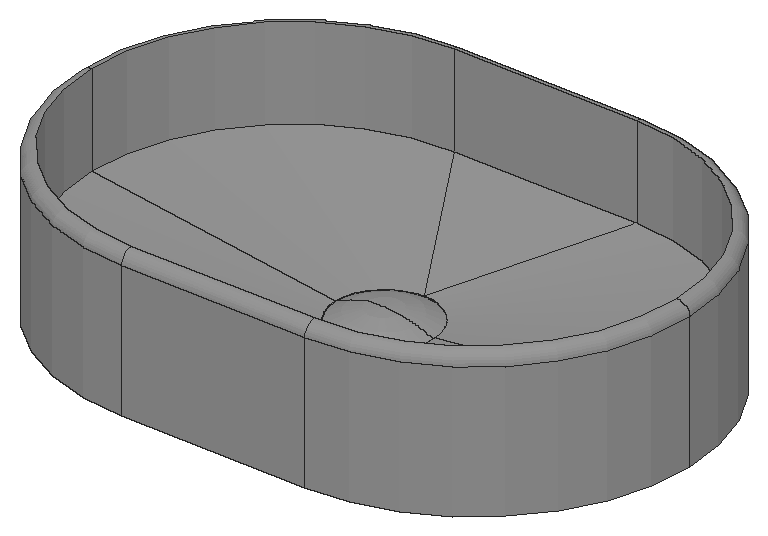
Revit family "ALMA-Petra_Pill_Basin", category Plumbing Fixtures, host Face, Revit 2026
Family settings
  Host = Face
  Round Connector Dimension = Use Diameter
  Part Type = Normal
  Enable Cutting in Views = Yes
  Cut with Voids When Loaded = No
  Maintain Annotation Orientation = No
  Shared = No
  Room Calculation Point = No
Parameters (values of type "MATTE ECRU SAND")
  Width = 350 mm
  Length = 500 mm
  Height = 120 mm
  Default Elevation = 1219.2 mm
  Basin_Material = BM_MATTE ECRU SAND
Types (6, lengths in mm): name | Basin_Material
  (no name) | BM_MATTE ECRU SAND
  MATTE GREY | BM_MATTE GREY
  MATTE ECRU SAND | BM_MATTE ECRU SAND
  MATTE GREEN | BM_MATTE GREEN
  MATTE PINK | BM_MATTE PINK
  MATTE BLUE | BM_MATTE BLUE
Reference planes
  plane 1 "Center (Front/Back)": y = 0
  plane 2: z = 0
  plane 3 "Center (Left/Right)": x = 0
  plane 4: x = 250
  plane 5: x = -250
  plane 6: z = 120
  plane 7: y = 175
  plane 8: y = -175
Forms (mm)
  Extrusion 1, solid, material "BM_MATTE ECRU SAND" <- "Basin_Material"
    sketch origin (0, 0, 0) x (1, 0, 0) y (0, 1, 0)
      loop
        arc (-75, 175) -> (-198.744, 123.744) -> (-250, 0) r 175
        arc (-250, 0) -> (-198.744, -123.744) -> (-75, -175) r 175
        line (-75, -175) -> (75, -175)
        arc (75, -175) -> (198.744, -123.744) -> (250, 0) r 175
        arc (250, 0) -> (198.744, 123.744) -> (75, 175) r 175
        line (75, 175) -> (-75, 175)
      loop
        arc (-240, 0) -> (-191.673, -116.673) -> (-75, -165) r 165
        line (-75, -165) -> (75, -165)
        arc (75, -165) -> (191.673, -116.673) -> (240, 0) r 165
        arc (240, 0) -> (191.673, 116.673) -> (75, 165) r 165
        line (75, 165) -> (-75, 165)
        arc (-75, 165) -> (-191.673, 116.673) -> (-240, 0) r 165
    from 0 to 120
  Extrusion 2, solid, material "BM_MATTE ECRU SAND" <- "Basin_Material"
    sketch origin (0, 0, 0) x (1, 0, 0) y (0, 1, 0)
      loop
        arc (-75, 165) -> (-191.673, 116.673) -> (-240, 0) r 165
        arc (-240, 0) -> (-191.673, -116.673) -> (-75, -165) r 165
        line (-75, -165) -> (75, -165)
        arc (75, -165) -> (191.673, -116.673) -> (240, 0) r 165
        arc (240, 0) -> (191.673, 116.673) -> (75, 165) r 165
        line (75, 165) -> (-75, 165)
    from 0 to 45
  SweptBlend 3, void
    path origin (0, 0, 0) x (1, 0, 0) y (0, 0, 1)
      loop
        line (0.147, 20) -> (0.147, 45)
    profile origin (0.147, 0, 20) x (-1, 0, 0) y (0, -1, 0)
      loop
        arc (40, 0) -> (28.284, 28.284) -> (0, 40) r 40
        arc (0, 40) -> (-29.104, 27.44) -> (-39.931, -2.353) r 40
        arc (-39.931, -2.353) -> (-27.44, -29.104) -> (0, -40) r 40
        arc (0, -40) -> (28.284, -28.284) -> (40, 0) r 40
    end profile origin (0.147, 0, 45) x (-1, 0, 0) y (0, -1, 0)
      loop
        arc (240.147, 0) -> (191.82, 116.673) -> (75.147, 165) r 165
        line (75.147, 165) -> (-74.853, 165)
        arc (-74.853, 165) -> (-191.525, 116.673) -> (-239.853, 0) r 165
        arc (-239.853, 0) -> (-191.525, -116.673) -> (-74.853, -165) r 165
        line (-74.853, -165) -> (75.147, -165)
        arc (75.147, -165) -> (191.82, -116.673) -> (240.147, 0) r 165
  SweptBlend 4, void
    path origin (0, 0, 0) x (1, 0, 0) y (0, 0, 1)
      loop
        line (0.147, 0) -> (0.147, 20)
    profile origin (0.147, 0, 0) x (-1, 0, 0) y (0, -1, 0)
      loop
        circle (0, 0) r 22.5
    end profile origin (0.147, 0, 20) x (-1, 0, 0) y (0, -1, 0)
      loop
        circle (0, 0) r 40
  Sweep 5, void
    path in 3D
      loop
        arc (-75, 175, 120) -> (-198.744, 123.744, 120) -> (-250, 0, 120) r 175
        arc (-250, 0, 120) -> (-198.744, -123.744, 120) -> (-75, -175, 120) r 175
        line (-75, -175, 120) -> (75, -175, 120)
        arc (75, -175, 120) -> (198.744, -123.744, 120) -> (250, 0, 120) r 175
        arc (250, 0, 120) -> (198.744, 123.744, 120) -> (75, 175, 120) r 175
        line (75, 175, 120) -> (-75, 175, 120)
    profile origin (0, 175, 120) x (0, -1, 0) y (0, 0, 1)
      loop
        line (0, 0) -> (0, -10)
        arc (0, -10) -> (2.929, -2.929) -> (10, 0) r 10
        line (10, 0) -> (0, 0)
  Revolve 6, solid, material "BM_MATTE ECRU SAND" <- "Basin_Material"
    sketch origin (0, 0, 1.875) x (1, 0, 0) y (0, 0, 1)
      loop
        line (-39.845, 18.125) -> (0, 18.125) -> (0, 28.125)
        arc (0, 28.125) -> (-20.536, 25.568) -> (-39.845, 18.125) r 85
      axis (0, 18.125) -> (0, 28.125)
    angle from 0 to 360
Cuts and joins
  Sweep 5 cuts Extrusion 1
  SweptBlend 3, SweptBlend 4, Sweep 5 cuts Extrusion 2
  joined: Extrusion 1, Extrusion 2
Lines and regions (mm)
  sketch lines
    curve 1: line (75, 175, 120) -> (-75, 175, 120)
    curve 2: arc (-250, 0, 120) -> (-198.744, 123.744, 120) -> (-75, 175, 120) r 175
    curve 3: arc (-75, -175, 120) -> (-198.744, -123.744, 120) -> (-250, 0, 120) r 175
    curve 4: line (-75, -175, 120) -> (75, -175, 120)
    curve 5: arc (250, 0, 120) -> (198.744, -123.744, 120) -> (75, -175, 120) r 175
    curve 6: arc (75, 175, 120) -> (198.744, 123.744, 120) -> (250, 0, 120) r 175
Text (mm)
  text "Refer to www.buildmat.com.au for the most current product literature. \nAllow a +/- 5mm tolerance for dimensions shown in the product literature. \nPlease note product details are subject to change due to ongoing product development." at (9, -1305.742, 0), in view "Ref. Level"
Dimensions and locks
  "Length": plane 5 to plane 4
  equal spacing: plane 5, plane 3 "Center (Left/Right)", plane 4
  "Height": plane 6 to host face
  "Width": plane 7 to plane 8
  equal spacing: plane 7, plane 1 "Center (Front/Back)", plane 8
  aligned and locked: plane 2 to host face
  aligned and locked: level to host face
Automatic sketch dimensions
  host sketch curve to host sketch curve = 2438.4 mm  (x2)
  Extrusion 1 sketch curve to Extrusion 1 sketch curve = 0 mm  (x24)
  plane 1 "Center (Front/Back)" to Extrusion 1 sketch curve = 0 mm
  Extrusion 1 sketch curve to plane 5 = 0 mm
  Extrusion 1 sketch curve to plane 7 = 0 mm
  Extrusion 1 sketch curve to plane 4 = 0 mm
  Extrusion 1 sketch curve to plane 8 = 10 mm
  Extrusion 2 sketch curve to Extrusion 2 sketch curve = 0 mm  (x4)
  plane 1 "Center (Front/Back)" to Extrusion 2 sketch curve = 0 mm
  Extrusion 2 sketch curve to plane 3 "Center (Left/Right)" = 75 mm
  plane 3 "Center (Left/Right)" to Extrusion 2 sketch curve = 75 mm
  Extrusion 2 sketch curve to plane 8 = 10 mm
  plane 3 "Center (Left/Right)" to SweptBlend 3 sketch curve = 0.147 mm
  level to SweptBlend 3 sketch curve = 20 mm
  SweptBlend 3 sketch curve to SweptBlend 3 sketch curve = 25 mm
  SweptBlend 3 sketch curve to SweptBlend 3 sketch curve = 0 mm  (x16)
  plane 1 "Center (Front/Back)" to SweptBlend 3 sketch curve = 0 mm  (x2)
  profile plane to SweptBlend 3 sketch curve = 74.853 mm
  SweptBlend 3 sketch curve to profile plane = 75.147 mm
  SweptBlend 3 sketch curve to plane 1 "Center (Front/Back)" = 165 mm
  SweptBlend 3 sketch curve to profile plane = 0 mm
  SweptBlend 3 sketch curve to plane 1 "Center (Front/Back)" = 2.353 mm
  profile plane to SweptBlend 3 sketch curve = 39.931 mm
  SweptBlend 4 sketch curve to level = 0 mm
  plane 3 "Center (Left/Right)" to SweptBlend 4 sketch curve = 0.147 mm
  SweptBlend 4 sketch curve to SweptBlend 4 sketch curve = 20 mm
  plane 1 "Center (Front/Back)" to SweptBlend 4 sketch curve = 0 mm  (x2)
  SweptBlend 4 sketch curve to profile plane = 0 mm  (x2)
  Sweep 5 sketch curve to profile plane = 0 mm  (x2)
  Sweep 5 sketch curve to profile plane = 10 mm
  Revolve 6 sketch curve to plane 3 "Center (Left/Right)" = 0 mm  (x2)
  plane 3 "Center (Left/Right)" to Revolve 6 sketch curve = 0.155 mm
  level to Revolve 6 sketch curve = 20 mm
  Revolve 6 sketch curve to Revolve 6 sketch curve = 39.845 mm
  Revolve 6 sketch curve to level = 55 mm
  Revolve 6 sketch curve to Revolve 6 sketch curve = 0 mm  (x2)
  radius of SweptBlend 4 sketch curve = 40 mm
  radius of SweptBlend 4 sketch curve = 22.5 mm
